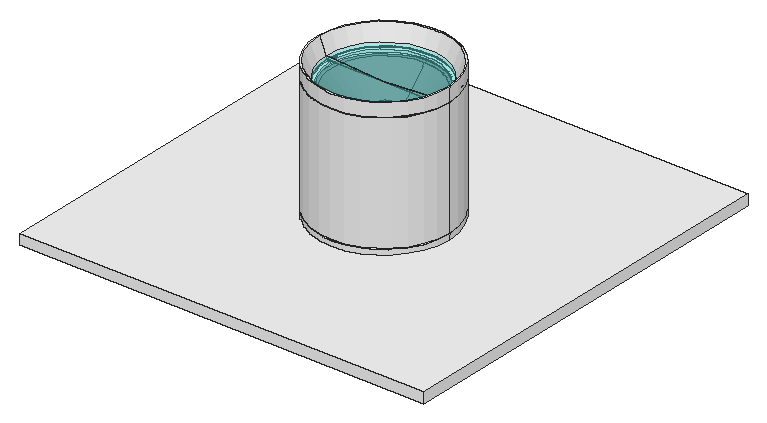
Revit family "BE_24708_de_DE", category Leuchten, Revit 2020
Family settings
  Basisbauteil = Fläche
  Bemaßung runder Anschluss = Durchmesser verwenden
  Teiletyp = Normal
  Beim Laden mit Abzugskörper schneiden = Ja
  Lichtquelle = Ja
  Gemeinsam genutzt = Nein
  Raumberechnungspunkt = Ja
Parameters (values of type "BEGA_24708_Weiß_K4")
  built-in parameter 1150104 = 12.992 (stored number, unit not read)
  Wattage = 12.8 W
  Default Elevation = 0 mm
  built-in parameter 1150113 = 1 (stored number, unit not read)
  built-in parameter 1114218 = 1 (stored number, unit not read)
  Umgebungstemperatur = "25 °C"
  URL = "https://www.bega.com/de/produkt/24708"
  Typenkommentare = "© 2022 BEGA. Wir behalten uns das Recht vor, technische Änderungen ohne vorherige Ankündigung vorzunehmen."  # constant formula
  built-in parameter 1150134 = 12
  built-in parameter 1150109 = 1 (stored number, unit not read)
  Strom = ""
  built-in parameter 1150110 = 1 (stored number, unit not read)
  Spannung = 239.996 V
  Sonderanfertigung = no
  Seriennummer [instance] = "Hier können Sie die eindeutige Seriennummer für das Facility Management eintragen."
  Schutzklasse = "I"
  Schutzart = "IP 65"
  Scheinlast = 0 VA
  Produktdatenblatt = "https://cdn.bega.com/bega/products/24708WK4/current/documents/data-sheets/de"
  Oberflächentemperatur = ""
  Neigungswinkel = 0.00°
  Modell = "24708WK4"
  Material_17 = BEGA_Reflektor
  Material_15 = BEGA_Leuchtmedium_matt
  Material_13 = BEGA_Kunststoff_matt
  Material_09 = BEGA_Glas_klar
  Material_06 = BEGA_Oberfläche_Edelstahl_gebürstet
  Material_03 = BEGA_Oberfläche_Weiss_matt
  Material_01 [instance] = BEGA_Oberfläche_Grafit_matt
  M_W = yes
  M_G = no
  Logo = 0
  built-in parameter 1114217 = 1 (stored number, unit not read)
  built-in parameter 1150139 = (empty or 0)
  built-in parameter 1150105 = 142.44 (stored number, unit not read)
  built-in parameter 1150114 = 1 (stored number, unit not read)
  Lumens = 1789.95 lm
  built-in parameter 1150115 = 1 (stored number, unit not read)
  Leuchtenlichtstrom = "991 lm"
  Leuchtenanzahl = ""
  Lebensdauerkriterien = "L70B50 @ 25 °C = 200000 h"
  Lastklassifizierung = Beleuchtung
  built-in parameter 1150112 = 1 (stored number, unit not read)
  Lampenlichtstrom = "1790 lm"
  Lampe = "LED 12.8 W"
  LED_Modulbezeichnung = "LED-1218/840"
  Hersteller = "BEGA"  # constant formula
  Halbstreuwinkel = ""
  Gewicht = "1.4 kg"
  Gebrauchslageneinschränkung [instance] = ""
  Frequenz = "0/50-60 Hz"
  Farbwiedergabeindex = "CRI > 80"
  Farbtemperaturverschiebung bei Dämpfen der Lampe = <Keine Auswahl>
  Farbtemperatur = "4000 K"
  Color Filter = 16777215
  built-in parameter 1150133 = 10 (stored number, unit not read)
  Energieeffizienzklasse = "LED A++ - A"
  built-in parameter 1150137 = (empty or 0)
  built-in parameter 1150132 = (empty or 0)
  ENEC = ""
  Dimmbar [instance] = "DALI"
  Datei für fotometrisches Netz = "BE_24708K4.IES"
  CE_Konformität = "ja"
  Bestellnummer = "24708WK4"
  Beschreibung_Sonderanfertigung = "Hier können Sie Informationen zur Sonderanfertigung eintragen."
  Beschreibung = "Kompakttiefstrahler mit Zoom-Optik"
  built-in parameter 1150106 = 1.4244 (stored number, unit not read)
  Befestigungsbohrung = "Ø 4,2 mm"
  Befestigungsabstand = "106 mm"
  Ballwurfsicher = ""
  Anschlussleitung = ""
  Anschlussleistung [instance] = "15 W"
  Anschlusskasten = ""
  built-in parameter 1150107 = 4000 (stored number, unit not read)
  built-in parameter 1150102 = (empty or 0)
  built-in parameter 1150138 = (empty or 0)
  Aktualisierung = "2022-05-18T04:00:07"
  Abstand_zur_angestrahlten_Fläche [instance] = ""
  AC/DC = "AC/DC"
Types (4, lengths in mm): name | built-in parameter 1150104 | built-in parameter 1150134 | Modell | M_W | M_G | built-in parameter 1150105 | Lumens | Leuchtenlichtstrom | Lampenlichtstrom | LED_Modulbezeichnung | Farbtemperatur | Datei für fotometrisches Netz | Bestellnummer | built-in parameter 1150106 | built-in parameter 1150107
  BEGA_24708_Grafit_K3 | 12.375 (stored number, unit not read) | (empty or 0) | "24708K3" | no | yes | 135.68 (stored number, unit not read) | 1704.96 lm | "944 lm" | "1705 lm" | "LED-1218/830" | "3000 K" | "BE_24708K3.IES" | "24708K3" | 1.3568 (stored number, unit not read) | 3000 (stored number, unit not read)
  BEGA_24708_Weiß_K3 | 12.375 (stored number, unit not read) | (empty or 0) | "24708WK3" | yes | no | 135.68 (stored number, unit not read) | 1704.96 lm | "944 lm" | "1705 lm" | "LED-1218/830" | "3000 K" | "BE_24708K3.IES" | "24708WK3" | 1.3568 (stored number, unit not read) | 3000 (stored number, unit not read)
  BEGA_24708_Weiß_K4 | 12.992 (stored number, unit not read) | 12 | "24708WK4" | yes | no | 142.44 (stored number, unit not read) | 1789.95 lm | "991 lm" | "1790 lm" | "LED-1218/840" | "4000 K" | "BE_24708K4.IES" | "24708WK4" | 1.4244 (stored number, unit not read) | 4000 (stored number, unit not read)
  BEGA_24708_Grafit_K4 | 12.992 (stored number, unit not read) | 12 | "24708K4" | no | yes | 142.44 (stored number, unit not read) | 1789.95 lm | "991 lm" | "1790 lm" | "LED-1218/840" | "4000 K" | "BE_24708K4.IES" | "24708K4" | 1.4244 (stored number, unit not read) | 4000 (stored number, unit not read)
Reference planes
  plane 1 "Mitte (Vorne/Hinten)": y = 0
  plane 2: z = 0
  plane 3 "Mitte (Links/Rechts)": x = 0
  plane 4 "Links": x = -65
  plane 5 "Rechts": x = 65
  plane 6 "Unten": y = -65
  plane 7 "Oben": y = 65
  plane 8 "Vorne": z = 135.2
  plane 9 "Hinten": z = 0
Forms (mm)
  Extrusion 1, solid, material "BEGA_Platte_Weiss"
    sketch origin (0, -1119.2, 0) x (1, 0, 0) y (0, 1, 0)
      loop
        line (-200, 1319.2) -> (-200, 919.2) -> (200, 919.2) -> (200, 1319.2) -> (-200, 1319.2)
    from 0 to -10
  Extrusion 2, solid, material "BEGA_Dummy_matt", not visible
    sketch origin (77.149, -76.023, 0) x (1, 0, 0) y (0, 1, 0)
      loop
        circle (-77.149, 76.023) r 65
    from 0 to 135.2
Dimensions and locks
  plane 1 "Mitte (Vorne/Hinten)" to Extrusion 1 = 200 mm
  aligned and locked: Extrusion 1 to plane 2
  aligned and locked: level to Extrusion 1
Nested families
  nested 1: "BE_24708" at (0, 0, 0), type "BE_24708"
Connectors
  electrical at (0, 0, 0), driven by "Lastklassifizierung", driven by "Spannung", driven by "Scheinlast"
    settings: index 1, voltage 239.996 V, apparent load 0 VA, apparent load phase1 0 VA, apparent load phase2 0 VA, apparent load phase3 0 VA, power factor 1, load classification "Beleuchtung", number of poles 1, system type 31, power factor state 1, is connector primary yes, connector utility no, sub classification motor no, connector description ""
Definition of nested family "BE_24708"
  Parameters (values of type "BE_24708")
    Default Elevation = 1 mm
    URL = "http://www.bega.de/de/produkt"
    Type Comments = "© 2015 BEGA. Wir behalten uns das Recht vor, technische Änderungen ohne vorherige Ankündigung vorzunehmen. "  # constant formula
    Type Image = (empty or 0)
    Material_17 = none
    Material_15 = none
    Material_13 = none
    Material_09 = none
    Material_06 = none
    Material_03 = none
    Material_01 = none
    M_W = yes
    M_G = yes
    Länge_Platte = 200 mm  # constant formula
    Höhe_Platte = -10 mm  # constant formula
    Manufacturer = "BEGA"  # constant formula
    Breite_Platte = 200 mm  # constant formula
  Reference planes
    plane 1 "Mitte (Oben/Unten)": y = 0
    plane 2: z = 0
    plane 3 "Mitte (Links/Rechts)": x = 0
    plane 4 "Hinten": z = 0
    plane 5 "Links": x = -65
    plane 6 "Oben": y = 65
    plane 7 "Unten": y = -65
    plane 8: z = 135.2
    plane 9: x = 65
  Forms (mm)
    Extrusion 1, solid, detail levels medium
      sketch origin (0, 0, 0) x (1, 0, 0) y (0, 1, 0)
        loop
          line (-100, 100) -> (-100, -100) -> (100, -100) -> (100, 100) -> (-100, 100)
      from 0 to -10 <- "Höhe_Platte"
    Revolve 2, solid, material <- "Material_01", visible <- "M_G"
      sketch origin (0, 0, 0) x (1, 0, 0) y (0, 0, 1)
        loop
          line (-65, 121.2) -> (-65, 6) -> (-64.092, 6) -> (-63, 9) -> (-62.1, 25) -> (-55, 25) -> (-54.11, 50.5) -> (0, 50.5) -> (0, 55.5) -> (-53.369, 55.5) -> (-54.966, 101.236)
          arc (-54.966, 101.236) -> (-55.271, 101.92) -> (-55.966, 102.2) r 1
          line (-55.966, 102.2) -> (-62.302, 102.2) -> (-62.845, 117.775) -> (-64.092, 121.2) -> (-65, 121.2)
        axis (0, 6) -> (0, 121.2)
      angle from 0 to 360
    Revolve 3, solid, material <- "Material_09"
      sketch origin (0, 0, 0) x (1, 0, 0) y (0, 0, 1)
        loop
          line (0, 120.8) -> (-56, 120.8) -> (-56, 116.7) -> (0, 116.7) -> (0, 120.8)
        axis (0, 120.8) -> (0, 116.7)
      angle from 0 to 360
    Revolve 4, solid, material <- "Material_01", visible <- "M_G"
      sketch origin (0, 0, 0) x (1, 0, 0) y (0, 0, 1)
        loop
          line (-63.5, 135.2) -> (-65, 135.2) -> (-65, 122.217) -> (-62.884, 121.994) -> (-61, 118.468) -> (-62, 117.891) -> (-62, 109.35) -> (-60.078, 108.7) -> (-57.839, 108.7) -> (-57.704, 112.686) -> (-56.75, 114.2) -> (-53.087, 114.2) -> (-53.017, 116.2) -> (-56.465, 116.2) -> (-56.5, 117.2) -> (-63.5, 135.2)
        axis (0, 108.7) -> (0, 135.2)
      angle from 0 to 360
    Revolve 5, solid, material <- "Material_03", visible <- "M_W"
      sketch origin (0, 0, 0) x (1, 0, 0) y (0, 0, 1)
        loop
          line (-65, 121.2) -> (-65, 6) -> (-64.092, 6) -> (-63, 9) -> (-62.1, 25) -> (-55, 25) -> (-54.11, 50.5) -> (0, 50.5) -> (0, 55.5) -> (-53.369, 55.5) -> (-54.966, 101.236)
          arc (-54.966, 101.236) -> (-55.271, 101.92) -> (-55.966, 102.2) r 1
          line (-55.966, 102.2) -> (-62.302, 102.2) -> (-62.845, 117.775) -> (-64.092, 121.2) -> (-65, 121.2)
        axis (0, 6) -> (0, 121.2)
      angle from 0 to 360
    Revolve 6, solid, material <- "Material_03", visible <- "M_W"
      sketch origin (0, 0, 0) x (1, 0, 0) y (0, 0, 1)
        loop
          line (-63.5, 135.2) -> (-65, 135.2) -> (-65, 122.217) -> (-62.884, 121.994) -> (-61, 118.468) -> (-62, 117.891) -> (-62, 109.35) -> (-60.078, 108.7) -> (-57.839, 108.7) -> (-57.704, 112.686) -> (-56.75, 114.2) -> (-53.087, 114.2) -> (-53.017, 116.2) -> (-56.465, 116.2) -> (-56.5, 117.2) -> (-63.5, 135.2)
        axis (0, 108.7) -> (0, 135.2)
      angle from 0 to 360
    Revolve 7, solid, material <- "Material_15"
      sketch origin (0, 0, 0) x (1, 0, 0) y (0, 0, 1)
        loop
          line (0, 55.5) -> (0, 57.05) -> (-16, 57.05) -> (-16, 55.5) -> (0, 55.5)
        axis (0, 55.5) -> (0, 57.05)
      angle from 0 to 360
    Revolve 8, solid, material <- "Material_01", visible <- "M_G"
      sketch origin (0, 0, 0) x (1, 0, 0) y (0, 0, 1)
        loop
          line (0, 16.965) -> (-62, 16.965) -> (-62, 5.299) -> (-65, 4.983) -> (-65, 0) -> (-58.105, 0) -> (-57.651, 13) -> (0, 13) -> (0, 16.965)
        axis (0, 16.965) -> (0, 0)
      angle from 0 to 360
    Extrusion 9, solid, material <- "Material_01", visible <- "M_G"
      sketch origin (0, 0, 0) x (1, 0, 0) y (0, 1, 0)
        loop
          circle (-52.936, 0) r 6.124
        loop
          circle (-52.936, 0) r 2.126
        loop
          circle (52.936, 0) r 6.124
        loop
          circle (52.936, 0) r 2.126
      from 0 to 19.372
    Revolve 10, solid, material <- "Material_03", visible <- "M_W"
      sketch origin (0, 0, 0) x (1, 0, 0) y (0, 0, 1)
        loop
          line (0, 16.965) -> (-62, 16.965) -> (-62, 5.299) -> (-65, 4.983) -> (-65, 0) -> (-58.105, 0) -> (-57.651, 13) -> (0, 13) -> (0, 16.965)
        axis (0, 16.965) -> (0, 0)
      angle from 0 to 360
    Extrusion 11, solid, material <- "Material_03", visible <- "M_W"
      sketch origin (0, 0, 0) x (1, 0, 0) y (0, 1, 0)
        loop
          circle (-52.936, 0) r 6.124
        loop
          circle (-52.936, 0) r 2.126
        loop
          circle (52.936, 0) r 6.124
        loop
          circle (52.936, 0) r 2.126
      from 0 to 19.372
    Extrusion 12, void
      sketch origin (0, 0, 0) x (1, 0, 0) y (0, 1, 0)
        loop
          circle (-25, -37.5) r 7.197
        loop
          circle (-25, 37.5) r 7.197
      from 0 to 18.348
    Revolve 13, solid, material <- "Material_01"
      sketch origin (0, 0, 0) x (0, 1, 0) y (0, 0, 1)
        loop
          line (51, 111.45) -> (24.372, 87.05) -> (21.75, 87.05) -> (21.923, 82.1) -> (20.336, 82.1) -> (18.228, 81.728) -> (18.208, 80.6) -> (21.619, 80.6) -> (21.75, 73.1) -> (23.854, 73.1) -> (24.008, 55.45) -> (27.75, 55.45) -> (28.879, 87.789) -> (54.7, 111.45) -> (51, 111.45)
        axis (0, 111.45) -> (0, 55.45)
      angle from 0 to 360
    Revolve 14, solid, material <- "Material_13"
      sketch origin (0, 0, 0) x (0, 1, 0) y (0, 0, 1)
        loop
          line (0, 93.027) -> (0, 75.097) -> (20, 75.097) -> (20, 80.1) -> (18, 80.1)
          spline (18, 80.1) -> (16.383, 82.629) -> (15.168, 84.287) -> (13.992, 85.708) -> (12.795, 86.999) -> (11.566, 88.174) -> (10.28, 89.243) -> (8.93, 90.202) -> (7.627, 90.997) -> (6.424, 91.602) -> (5.093, 92.119) -> (3.393, 92.595) -> (0, 93.027)
        axis (0, 93.027) -> (0, 75.097)
      angle from 0 to 360
  Cuts and joins
    Extrusion 12 cuts Revolve 8
    Extrusion 12 cuts Extrusion 9
    joined: Revolve 8, Extrusion 9
    Extrusion 12 cuts Revolve 10
    Extrusion 12 cuts Extrusion 11
    joined: Revolve 10, Extrusion 11
    Extrusion 12 cuts Revolve 2
    Extrusion 12 cuts Revolve 3
    Extrusion 12 cuts Revolve 5
  Dimensions and locks
    equal spacing: Extrusion 1 sketch curve, plane 3 "Mitte (Links/Rechts)", Extrusion 1 sketch curve
    equal spacing: Extrusion 1 sketch curve, plane 1 "Mitte (Oben/Unten)", Extrusion 1 sketch curve
    "Länge_Platte": Extrusion 1 sketch curve to Extrusion 1 sketch curve
    "Breite_Platte": Extrusion 1 sketch curve to Extrusion 1 sketch curve
    aligned and locked: Extrusion 1 to plane 2
    aligned and locked: level to Extrusion 1
  Automatic sketch dimensions
    Revolve 2 sketch curve to plane 3 "Mitte (Links/Rechts)" = 0 mm  (x2)
    Revolve 2 sketch curve to plane 3 "Mitte (Links/Rechts)" = 53.369 mm
    Revolve 2 sketch curve to Revolve 2 sketch curve = 0.74 mm
    Revolve 2 sketch curve to Revolve 2 sketch curve = 1.597 mm
    Revolve 2 sketch curve to Revolve 2 sketch curve = 0.89 mm
    Revolve 2 sketch curve to Revolve 2 sketch curve = 0.999 mm
    Revolve 2 sketch curve to Revolve 2 sketch curve = 7.1 mm
    Revolve 2 sketch curve to Revolve 2 sketch curve = 6.336 mm
    Revolve 2 sketch curve to Revolve 2 sketch curve = 0.544 mm
    level to Revolve 2 sketch curve = 9 mm
    Revolve 2 sketch curve to Revolve 2 sketch curve = 0.9 mm
    Revolve 2 sketch curve to Revolve 2 sketch curve = 1.246 mm
    level to Revolve 2 sketch curve = 6 mm
    Revolve 2 sketch curve to Revolve 2 sketch curve = 1.092 mm
    Revolve 2 sketch curve to Revolve 2 sketch curve = 0.908 mm
    Revolve 2 sketch curve to Revolve 2 sketch curve = 16 mm
    level to Revolve 2 sketch curve = 50.5 mm
    Revolve 2 sketch curve to Revolve 2 sketch curve = 5 mm
    Revolve 2 sketch curve to Revolve 2 sketch curve = 45.7 mm
    Revolve 2 sketch curve to Revolve 2 sketch curve = 0.036 mm
    Revolve 2 sketch curve to Revolve 2 sketch curve = 15.575 mm
    Revolve 2 sketch curve to Revolve 2 sketch curve = 3.425 mm
    Revolve 2 sketch curve to Revolve 2 sketch curve = 8.8 mm
    Revolve 2 sketch curve to Revolve 2 sketch curve = 31.2 mm
    Revolve 3 sketch curve to plane 3 "Mitte (Links/Rechts)" = 0 mm  (x2)
    Revolve 3 sketch curve to Revolve 3 sketch curve = 56 mm
    Revolve 3 sketch curve to Revolve 3 sketch curve = 4.1 mm
    Revolve 3 sketch curve to Revolve 3 sketch curve = 6.161 mm
    Revolve 3 sketch curve to Revolve 3 sketch curve = 5 mm
    Revolve 4 sketch curve to plane 3 "Mitte (Links/Rechts)" = 0 mm
    Revolve 4 sketch curve to plane 3 "Mitte (Links/Rechts)" = 53.017 mm
    Revolve 4 sketch curve to Revolve 4 sketch curve = 0.07 mm
    Revolve 4 sketch curve to Revolve 4 sketch curve = 3.448 mm
    Revolve 4 sketch curve to Revolve 4 sketch curve = 0.035 mm
    Revolve 4 sketch curve to Revolve 4 sketch curve = 0.285 mm
    Revolve 4 sketch curve to Revolve 4 sketch curve = 0.954 mm
    Revolve 4 sketch curve to Revolve 4 sketch curve = 0.136 mm
    Revolve 4 sketch curve to Revolve 4 sketch curve = 2.239 mm
    Revolve 4 sketch curve to Revolve 4 sketch curve = 4.5 mm
    Revolve 4 sketch curve to Revolve 4 sketch curve = 1.922 mm
    Revolve 4 sketch curve to Revolve 4 sketch curve = 1.884 mm
    Revolve 4 sketch curve to Revolve 4 sketch curve = 0.616 mm
    Revolve 4 sketch curve to Revolve 4 sketch curve = 2.116 mm
    Revolve 4 sketch curve to Revolve 4 sketch curve = 0.65 mm
    Revolve 4 sketch curve to Revolve 4 sketch curve = 3.986 mm
    Revolve 4 sketch curve to Revolve 4 sketch curve = 1.514 mm
    Revolve 4 sketch curve to Revolve 4 sketch curve = 2 mm
    Revolve 4 sketch curve to Revolve 4 sketch curve = 1 mm
    Revolve 4 sketch curve to Revolve 4 sketch curve = 0.691 mm
    Revolve 4 sketch curve to Revolve 4 sketch curve = 0.577 mm
    Revolve 4 sketch curve to Revolve 4 sketch curve = 3.526 mm
    Revolve 4 sketch curve to Revolve 4 sketch curve = 0.222 mm
    Revolve 4 sketch curve to Revolve 4 sketch curve = 12.983 mm
    Revolve 4 sketch curve to Revolve 4 sketch curve = 15 mm
    Revolve 4 sketch curve to Revolve 4 sketch curve = 16.437 mm
    Revolve 5 sketch curve to plane 3 "Mitte (Links/Rechts)" = 0 mm  (x2)
    Revolve 5 sketch curve to plane 3 "Mitte (Links/Rechts)" = 53.369 mm
    Revolve 5 sketch curve to Revolve 5 sketch curve = 0.74 mm
    Revolve 5 sketch curve to Revolve 5 sketch curve = 1.597 mm
    Revolve 5 sketch curve to Revolve 5 sketch curve = 0.89 mm
    Revolve 5 sketch curve to Revolve 5 sketch curve = 0.999 mm
    Revolve 5 sketch curve to Revolve 5 sketch curve = 7.1 mm
    Revolve 5 sketch curve to Revolve 5 sketch curve = 6.336 mm
    Revolve 5 sketch curve to Revolve 5 sketch curve = 0.544 mm
    level to Revolve 5 sketch curve = 9 mm
    Revolve 5 sketch curve to Revolve 5 sketch curve = 0.9 mm
    Revolve 5 sketch curve to Revolve 5 sketch curve = 1.246 mm
    level to Revolve 5 sketch curve = 6 mm
    Revolve 5 sketch curve to Revolve 5 sketch curve = 1.092 mm
    Revolve 5 sketch curve to Revolve 5 sketch curve = 0.908 mm
    Revolve 5 sketch curve to Revolve 5 sketch curve = 16 mm
    level to Revolve 5 sketch curve = 50.5 mm
    Revolve 5 sketch curve to Revolve 5 sketch curve = 5 mm
    Revolve 5 sketch curve to Revolve 5 sketch curve = 45.7 mm
    Revolve 5 sketch curve to Revolve 5 sketch curve = 0.036 mm
    Revolve 5 sketch curve to Revolve 5 sketch curve = 15.575 mm
    Revolve 5 sketch curve to Revolve 5 sketch curve = 3.425 mm
    Revolve 5 sketch curve to Revolve 5 sketch curve = 8.8 mm
    Revolve 5 sketch curve to Revolve 5 sketch curve = 31.2 mm
    Revolve 6 sketch curve to plane 3 "Mitte (Links/Rechts)" = 0 mm
    Revolve 6 sketch curve to plane 3 "Mitte (Links/Rechts)" = 53.017 mm
    Revolve 6 sketch curve to Revolve 6 sketch curve = 0.07 mm
    Revolve 6 sketch curve to Revolve 6 sketch curve = 3.448 mm
    Revolve 6 sketch curve to Revolve 6 sketch curve = 0.035 mm
    Revolve 6 sketch curve to Revolve 6 sketch curve = 0.285 mm
    Revolve 6 sketch curve to Revolve 6 sketch curve = 0.954 mm
    Revolve 6 sketch curve to Revolve 6 sketch curve = 0.136 mm
    Revolve 6 sketch curve to Revolve 6 sketch curve = 2.239 mm
    Revolve 6 sketch curve to Revolve 6 sketch curve = 4.5 mm
    Revolve 6 sketch curve to Revolve 6 sketch curve = 1.922 mm
    Revolve 6 sketch curve to Revolve 6 sketch curve = 1.884 mm
    Revolve 6 sketch curve to Revolve 6 sketch curve = 0.616 mm
    Revolve 6 sketch curve to Revolve 6 sketch curve = 2.116 mm
    Revolve 6 sketch curve to Revolve 6 sketch curve = 0.65 mm
    Revolve 6 sketch curve to Revolve 6 sketch curve = 3.986 mm
    Revolve 6 sketch curve to Revolve 6 sketch curve = 1.514 mm
    Revolve 6 sketch curve to Revolve 6 sketch curve = 2 mm
    Revolve 6 sketch curve to Revolve 6 sketch curve = 1 mm
    Revolve 6 sketch curve to Revolve 6 sketch curve = 0.691 mm
    Revolve 6 sketch curve to Revolve 6 sketch curve = 0.577 mm
    Revolve 6 sketch curve to Revolve 6 sketch curve = 3.526 mm
    Revolve 6 sketch curve to Revolve 6 sketch curve = 0.222 mm
    Revolve 6 sketch curve to Revolve 6 sketch curve = 12.983 mm
    Revolve 6 sketch curve to Revolve 6 sketch curve = 15 mm
    Revolve 6 sketch curve to Revolve 6 sketch curve = 16.437 mm
    Revolve 7 sketch curve to plane 3 "Mitte (Links/Rechts)" = 0 mm  (x2)
    Revolve 7 sketch curve to Revolve 7 sketch curve = 16 mm
    level to Revolve 7 sketch curve = 55.5 mm
    Revolve 7 sketch curve to Revolve 7 sketch curve = 1.55 mm
    Revolve 7 sketch curve to Revolve 7 sketch curve = 1.95 mm
    Revolve 7 sketch curve to Revolve 7 sketch curve = 2.56 mm
    level to Revolve 3 sketch curve = 116.7 mm
    level to Revolve 4 sketch curve = 108.7 mm
    level to Revolve 6 sketch curve = 108.7 mm
    Revolve 8 sketch curve to level = 0 mm
    Revolve 8 sketch curve to plane 5 "Links" = 0 mm
    Revolve 8 sketch curve to plane 3 "Mitte (Links/Rechts)" = 0 mm  (x2)
    plane 5 "Links" to Revolve 8 sketch curve = 3 mm
    Revolve 8 sketch curve to Revolve 8 sketch curve = 3.895 mm
    Revolve 8 sketch curve to Revolve 8 sketch curve = 4.349 mm
    Revolve 8 sketch curve to Revolve 8 sketch curve = 4.983 mm
    Revolve 8 sketch curve to Revolve 8 sketch curve = 0.315 mm
    Revolve 8 sketch curve to Revolve 8 sketch curve = 7.701 mm
    Revolve 8 sketch curve to Revolve 8 sketch curve = 3.965 mm
    Revolve 8 sketch curve to Revolve 8 sketch curve = 7.075 mm
    Revolve 8 sketch curve to Revolve 8 sketch curve = 9.203 mm
    Extrusion 9 sketch curve to Extrusion 9 sketch curve = 0 mm  (x4)
    plane 1 "Mitte (Oben/Unten)" to Extrusion 9 sketch curve = 0 mm  (x2)
    plane 5 "Links" to Extrusion 9 sketch curve = 12.064 mm
    Extrusion 9 sketch curve to plane 9 = 12.064 mm
    Revolve 10 sketch curve to level = 0 mm
    Revolve 10 sketch curve to plane 5 "Links" = 0 mm
    Revolve 10 sketch curve to plane 3 "Mitte (Links/Rechts)" = 0 mm  (x2)
    plane 5 "Links" to Revolve 10 sketch curve = 3 mm
    Revolve 10 sketch curve to Revolve 10 sketch curve = 3.895 mm
    Revolve 10 sketch curve to Revolve 10 sketch curve = 4.349 mm
    Revolve 10 sketch curve to Revolve 10 sketch curve = 4.983 mm
    Revolve 10 sketch curve to Revolve 10 sketch curve = 0.315 mm
    Revolve 10 sketch curve to Revolve 10 sketch curve = 7.701 mm
    Revolve 10 sketch curve to Revolve 10 sketch curve = 3.965 mm
    Revolve 10 sketch curve to Revolve 10 sketch curve = 7.075 mm
    Revolve 10 sketch curve to Revolve 10 sketch curve = 9.203 mm
    Extrusion 11 sketch curve to Extrusion 11 sketch curve = 0 mm  (x4)
    plane 1 "Mitte (Oben/Unten)" to Extrusion 11 sketch curve = 0 mm  (x2)
    plane 5 "Links" to Extrusion 11 sketch curve = 12.064 mm
    Extrusion 11 sketch curve to plane 9 = 12.064 mm
    Revolve 13 sketch curve to plane 1 "Mitte (Oben/Unten)" = 21.75 mm
    Revolve 13 sketch curve to plane 8 = 48.15 mm
    Revolve 13 sketch curve to Revolve 13 sketch curve = 0.173 mm
    Revolve 13 sketch curve to Revolve 13 sketch curve = 2.622 mm
    Revolve 13 sketch curve to Revolve 13 sketch curve = 4.507 mm
    Revolve 13 sketch curve to plane 6 "Oben" = 14 mm
    Revolve 13 sketch curve to Revolve 13 sketch curve = 3.7 mm
    Revolve 13 sketch curve to Revolve 13 sketch curve = 4.95 mm
    Revolve 13 sketch curve to Revolve 13 sketch curve = 0.739 mm
    Revolve 13 sketch curve to plane 8 = 23.75 mm
    Revolve 13 sketch curve to Revolve 13 sketch curve = 1.587 mm
    Revolve 13 sketch curve to Revolve 13 sketch curve = 2.108 mm
    Revolve 13 sketch curve to Revolve 13 sketch curve = 0.372 mm
    Revolve 13 sketch curve to Revolve 13 sketch curve = 0.02 mm
    Revolve 13 sketch curve to Revolve 13 sketch curve = 0.304 mm
    Revolve 13 sketch curve to Revolve 13 sketch curve = 0.131 mm
    Revolve 13 sketch curve to Revolve 13 sketch curve = 2.104 mm
    Revolve 13 sketch curve to Revolve 13 sketch curve = 0.154 mm
    Revolve 13 sketch curve to Revolve 13 sketch curve = 3.742 mm
    Revolve 13 sketch curve to Revolve 13 sketch curve = 1.5 mm
    Revolve 13 sketch curve to Revolve 13 sketch curve = 7.5 mm
    Revolve 13 sketch curve to Revolve 13 sketch curve = 17.65 mm
    Revolve 14 sketch curve to plane 1 "Mitte (Oben/Unten)" = 0 mm
    Revolve 14 sketch curve to plane 1 "Mitte (Oben/Unten)" = 18 mm
    Revolve 14 sketch curve to Revolve 14 sketch curve = 2 mm
    Revolve 14 sketch curve to plane 8 = 60.103 mm
    Revolve 14 sketch curve to Revolve 14 sketch curve = 5.003 mm
    Revolve 14 sketch curve to Revolve 14 sketch curve = 17.93 mm
    radius of Extrusion 9 sketch curve = 6.124 mm  (x2)
    radius of Extrusion 9 sketch curve = 2.126 mm  (x2)
    radius of Extrusion 11 sketch curve = 6.124 mm  (x2)
    radius of Extrusion 11 sketch curve = 2.126 mm  (x2)
